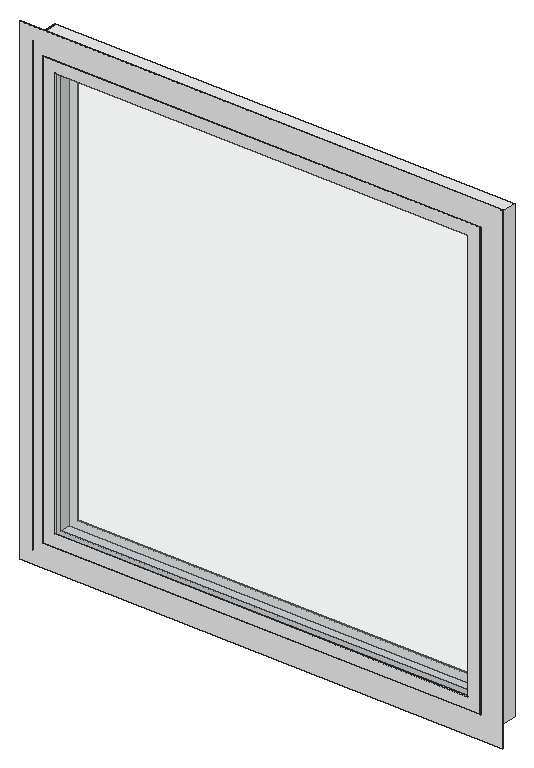
Revit family "Casement_28_A_Top_Hung_Custom", category Generic Models, host Wall, Revit 2014
Parameters (values of type "Casement_Sash_DG")
  Width Sash [instance] = 30 mm
  Width Sash Inner = 15 mm
  Width Bead = 15 mm
  Top Hung [instance] = yes
  Side Hung Right [instance] = yes
  Side Hung Left [instance] = yes
  Sash Opening Width [instance] = 600 mm
  Sash Opening Height [instance] = 600.312 mm
  Sash Lip = 15 mm
  Glazing Material [instance] = Glass
  DG Start Piece 2 [instance] = DG End Piece 1 + DG Gasket Thickness  # 25 mm
  DG Start Peice 1 [instance] = (Depth Sash - (2 * DG Glazing Thickness) - DG Gasket Thickness) / 2  # 6.6 mm
  Glazing Offset = 5 mm
  DG Glazing Thickness [instance] = 6.4 mm
  DG Gasket Thickness = 12 mm  # constant formula
  DG Gasket Material [instance] = none
  DG End Piece 2 [instance] = DG Start Piece 2 + DG Glazing Thickness  # 31.4 mm
  DG End Piece 1 [instance] = DG Start Peice 1 + DG Glazing Thickness  # 13 mm
  Depth Sash [instance] = 38 mm
  Center Vertical Sash [instance] = Sash Opening Height / 2  # 300.156 mm
  Center Horizontal Sash [instance] = Sash Opening Width / 2  # 300 mm
  Bottom Hung [instance] = yes
  Bead Offset = 15 mm
  Aluminium Thickness = 1 mm
  Aluminium Material [instance] = White Powder Coated Aluminium
Reference planes
  plane 1 "Center (Front/Back)": y = 0
  plane 2: z = 0
  plane 3 "Center (Left/Right)": x = 0
Forms (mm)
  Sweep 1, solid, material "White Powder Coated Aluminium" <- "Aluminium Material"
    path origin (16.177, 0, 121.331) x (1, 0, 0) y (0, 0, 1)
      loop
        line (0, 0) -> (600, 0) -> (600, 600.312) -> (0, 600.312) -> (0, 0)
    profile origin (316.177, 0, 121.331) x (0, 0, 1) y (0, -1, 0)
      loop
        line (0, 0) -> (30, 0) -> (30, 1) -> (15, 1) -> (15, 38) -> (-15, 38) -> (-15, 37) -> (0, 37) -> (0, 0)
      loop
        line (14, 1) -> (14, 37) -> (1, 37) -> (1, 1) -> (14, 1)
  Sweep 2, solid, material "White Powder Coated Aluminium" <- "Aluminium Material"
    path origin (0, 0, 0) x (1, 0, 0) y (0, 0, 1)
      loop
        line (31.177, 706.643) -> (31.177, 136.331) -> (601.177, 136.331) -> (601.177, 706.643) -> (31.177, 706.643)
    profile origin (316.177, 0, 706.643) x (0, 0, 1) y (0, -1, 0)
      loop
        line (0, 37) -> (0, 38) -> (-15, 38) -> (-15, 37) -> (0, 37)
  Extrusion 3, solid, material "Glass" <- "Glazing Material"
    sketch origin (0, 0, 0) x (1, 0, 0) y (0, 0, 1)
      loop
        line (36.177, 701.643) -> (36.177, 141.331) -> (596.177, 141.331) -> (596.177, 701.643) -> (36.177, 701.643)
    from 6.6 <- "DG Start Peice 1" to 13 <- "DG End Piece 1"
  Extrusion 4, solid, material "Glass" <- "Glazing Material"
    sketch origin (0, 0, 0) x (1, 0, 0) y (0, 0, 1)
      loop
        line (36.177, 701.643) -> (36.177, 141.331) -> (596.177, 141.331) -> (596.177, 701.643) -> (36.177, 701.643)
    from 31.4 <- "DG End Piece 2" to 25 <- "DG Start Piece 2"
  Sweep 5, solid, material <- "DG Gasket Material"
    path origin (0, -13, 0) x (1, 0, 0) y (0, 0, 1)
      loop
        line (36.177, 701.643) -> (36.177, 141.331) -> (596.177, 141.331) -> (596.177, 701.643) -> (36.177, 701.643)
    profile origin (316.177, -13, 701.643) x (0, 0, 1) y (0, -1, 0)
      loop
        line (0, 0) -> (0, 12) -> (-7.96, 12) -> (-7.96, 0) -> (0, 0)
Lines and regions (mm)
  model lines
    curve 1: line (1.177, -38, 736.643) -> (31.177, -38, 706.643)
    curve 2: line (601.177, -38, 706.643) -> (631.177, -38, 736.643)
    curve 3: line (601.177, -38, 136.331) -> (631.177, -38, 106.331)
    curve 4: line (1.177, -38, 106.331) -> (31.177, -38, 136.331)
    curve 5: line (631.177, -37, 736.643) -> (616.177, -37, 721.643)
    curve 6: line (1.177, -37, 736.643) -> (16.177, -37, 721.643)
    curve 7: line (1.177, -37, 106.331) -> (16.177, -37, 121.331)
    curve 8: line (631.177, -37, 106.331) -> (616.177, -37, 121.331)
    curve 9: line (616.177, 0, 121.331) -> (586.177, 0, 151.331)
    curve 10: line (46.177, 0, 151.331) -> (16.177, 0, 121.331)
    curve 11: line (616.177, 0, 721.643) -> (586.177, 0, 691.643)
    curve 12: line (46.177, 0, 691.643) -> (16.177, 0, 721.643)
    curve 13: line (31.177, -38, 691.643) -> (46.177, -38, 691.643)
    curve 14: line (586.177, -38, 691.643) -> (601.177, -38, 691.643)
    curve 15: line (586.177, -38, 151.331) -> (601.177, -38, 151.331)
    curve 16: line (31.177, -38, 151.331) -> (46.177, -38, 151.331)
  model lines, style "GenericModelHiddenLines", visible <- "Top Hung"
    curve 17: line (46.386, -31.4, 690.914) -> (316.177, -31.4, 151.331)
    curve 18: line (316.177, -31.4, 151.331) -> (586.177, -31.4, 691.331)
  model lines, style "GenericModelHiddenLines", visible <- "Bottom Hung"
    curve 19: line (46.177, -31.4, 151.331) -> (316.177, -31.4, 691.331)
    curve 20: line (316.177, -31.4, 691.331) -> (586.177, -31.4, 151.331)
  model lines, style "GenericModelHiddenLines", visible <- "Side Hung Left"
    curve 21: line (46.386, -31.4, 690.914) -> (585.24, -31.4, 421.487)
    curve 22: line (585.24, -31.4, 421.487) -> (46.177, -31.4, 151.331)
  model lines, style "GenericModelHiddenLines", visible <- "Side Hung Right"
    curve 23: line (586.177, -31.4, 691.331) -> (46.177, -31.4, 421.487)
    curve 24: line (46.177, -31.4, 421.487) -> (586.177, -31.4, 151.331)
Dimensions and locks
  "Aluminium Thickness": Sweep 1 sketch curve to Sweep 1 sketch curve  (x4)
  "Depth Sash": Sweep 1 sketch curve to Sweep 1 sketch curve
  "Sash Opening Width": Sweep 1 to Sweep 1
  "Sash Opening Height": Sweep 1 to Sweep 1
  "Width Sash": Sweep 1 sketch curve to Sweep 1 sketch curve  (x2)
  "Width Sash Inner": Sweep 1 sketch curve to Sweep 1 sketch curve
  "Sash Lip": Sweep 1 sketch curve to Sweep 1 sketch curve
  "Aluminium Thickness": Sweep 1 to Sweep 2 sketch curve
  "Glazing Offset": Sweep 2 to Extrusion 3 sketch curve  (x3)
  "Glazing Offset": Extrusion 3 sketch curve to Sweep 2
  Sweep 1 to Sweep 1 = 1 mm
  "Aluminium Thickness": Sweep 2 sketch curve to Sweep 2 sketch curve
  "Width Bead": Sweep 2 sketch curve to Sweep 2 sketch curve
  locked: Sweep 5 sketch curve to Sweep 5 sketch curve at 7.96
  "Center Horizontal Sash": Sweep 1 to curve 18
  "Center Horizontal Sash": Sweep 1 to curve 20
  "Center Vertical Sash": Sweep 1 to curve 22
  "Center Vertical Sash": Sweep 1 to curve 24
  aligned and locked: level to plane 2
  aligned and locked: Sweep 1 sketch curve to Sweep 1 sketch curve  (x2)
  aligned and locked: Sweep 2 sketch curve to Sweep 1  (x5)
  aligned and locked: Extrusion 4 sketch curve to Extrusion 3  (x4)
  aligned and locked: Sweep 5 sketch curve to Extrusion 3  (x5)
  aligned and locked: Extrusion 3 to Sweep 5 sketch curve
Automatic sketch dimensions
  plane 3 "Center (Left/Right)" to Sweep 1 sketch curve = 16.177 mm
  level to Sweep 1 sketch curve = 121.331 mm
  plane 3 "Center (Left/Right)" to Sweep 1 sketch curve = 616.177 mm
  level to Sweep 1 sketch curve = 721.643 mm
  profile plane to Sweep 5 sketch curve = 12 mm
  curve 7 to Sweep 1 = 0 mm  (x4)
  curve 6 to Sweep 1 = 0 mm  (x3)
  Sweep 1 to curve 6 = 0 mm
  curve 5 to Sweep 1 = 0 mm  (x3)
  curve 8 to Sweep 1 = 0 mm  (x4)
  Sweep 1 to curve 5 = 0 mm
  curve 16 to Sweep 2 = 0 mm  (x3)
  curve 13 to Sweep 2 = 0 mm  (x3)
  curve 15 to Sweep 2 = 0 mm
  Sweep 2 to curve 15 = 0 mm  (x2)
  curve 14 to Sweep 2 = 0 mm  (x2)
  Sweep 2 to curve 14 = 0 mm
  curve 1 to Sweep 1 = 0 mm  (x4)
  curve 4 to Sweep 1 = 0 mm  (x3)
  Sweep 1 to curve 4 = 0 mm
  curve 3 to Sweep 1 = 0 mm  (x3)
  curve 2 to Sweep 1 = 0 mm  (x4)
  Sweep 1 to curve 3 = 0 mm
  curve 10 to Sweep 1 = 0 mm  (x4)
  curve 12 to Sweep 1 = 0 mm  (x3)
  Sweep 1 to curve 12 = 0 mm
  curve 9 to Sweep 1 = 0 mm  (x4)
  curve 11 to Sweep 1 = 0 mm  (x3)
  Sweep 1 to curve 11 = 0 mm
  Sweep 1 sketch curve to plane 1 "Center (Front/Back)" = 0 mm
  profile plane to Sweep 1 sketch curve = 0 mm
  curve 21 to Extrusion 4 = 10.208 mm
  curve 19 to Extrusion 4 = 10 mm
  curve 23 to Extrusion 4 = 10 mm  (x2)
  curve 22 to Extrusion 4 = 10.937 mm
  curve 20 to Extrusion 4 = 10 mm
  curve 24 to Extrusion 4 = 10 mm
  curve 22 to Extrusion 4 = 10 mm
  curve 18 to Extrusion 4 = 10 mm
  curve 21 to Extrusion 4 = 10.729 mm
  curve 19 to Extrusion 4 = 10.312 mm
  curve 18 to Extrusion 4 = 10.312 mm
